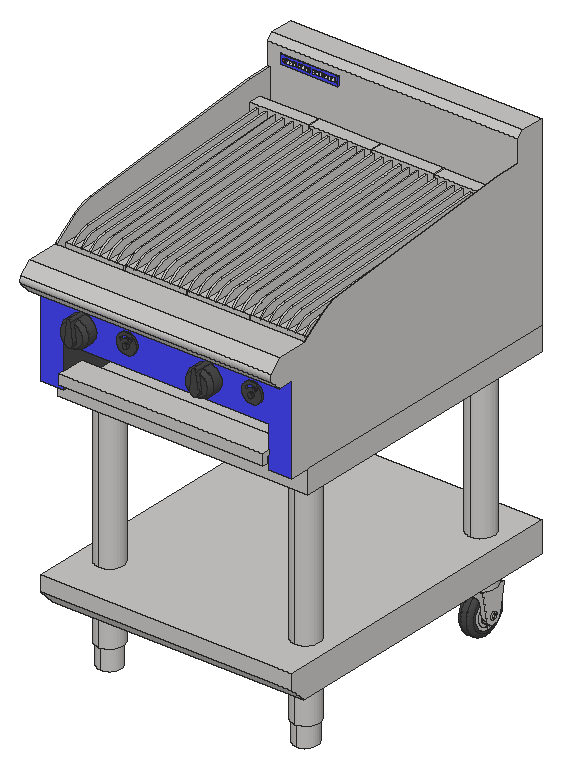
Revit family "QF_MOFFAT_BLUESEAL_AU_G594-LS", category Specialty Equipment, Revit 2012
Parameters
  Weight in Pounds = 281  # constant formula
  URL Cutsheet = "www.moffat.com"
  URL = "www.moffat.com"
  Type Mark [instance] = ""
  Status [instance] = ""
  Specification by User [instance] = ""
  Specification by Manufacturer = ""
  Show Logo [instance] = yes
  Show Casters [instance] = yes
  Serial Number = ""
  Seismic Rating = ""
  SMACNA No = ""
  Revision Code [instance] = ""
  Omniclass Number and Title = ""
  NAFEM Spec ID Number = ""
  Model = "G594-LS"
  Mechanical Remarks [instance] = ""
  Mechanical Connection Type [instance] = ""
  Masterspec = ""
  Manufacturer = "MOFFAT BLUESEAL"
  Legs [instance] = not(Show Casters)  # no
  Item Number [instance] = ""
  Installed By [instance] = ""
  Identify Quantity as Lot [instance] = yes
  Gas Size = 3/4"
  Gas RI Height [instance] = 0 mm
  Gas KW = 18.6
  Gas Input [instance] = 62555.0 Btu/h
  Gas Connection Height = 0 mm
  Furnished By [instance] = ""
  Foodservice Equipment Identifier [instance] = yes
  Description = "600MM GAS CHARGRILL ON LEG STAND"
  CSI MasterFormat = ""
  CSI Master Format = ""
  Body Finish = QF_Finishes_Stainless Steel
Reference planes
  plane 1 "BACK": y = 0
  plane 2: z = 0
  plane 3 "LEFT": x = 0
  plane 4 "RIGHT": x = 600
  plane 5 "FRONT": y = -812
  plane 6 "TOP": z = 972
  plane 7 "Center Y": x = 300
  plane 8 "Center X": y = -406
  plane 9: z = 970
  plane 10: z = 1085
  plane 11: y = -100
  plane 12: y = -625
Forms (mm)
  Extrusion 1, solid, material "QF_Finishes_Stainless Steel" <- "Body Finish"
    sketch origin (0, 0, 0) x (0, 1, 0) y (0, 0, 1)
      loop
        line (0, 222.5) -> (-749, 222.5) -> (-749, 186) -> (-713, 150) -> (0, 150) -> (0, 222.5)
      loop
        line (0, 640) -> (0, 1085) -> (-57.5, 1085) -> (-70, 1072.5) -> (-70, 875) -> (-705, 875) -> (-705, 915) -> (-783.97, 915) -> (-808.485, 890.485)
        arc (-808.485, 890.485) -> (-811.999, 882) -> (-808.485, 873.515) r 12
        line (-808.485, 873.515) -> (-784.97, 850) -> (-749, 850) -> (-749, 640) -> (0, 640)
      loop
        line (0, 585) -> (0, 639.206) -> (-699, 639.206) -> (-699, 585) -> (0, 585)
    from 0 to 600
  Revolve 2, solid, material "QF_Finishes_Stainless Steel" <- "Body Finish"
    sketch origin (535, -735, 0) x (0, 1, 0) y (0, 0, -1)
      loop
        line (78.25, -150) -> (110, -150) -> (110, 0) -> (82.5, 0) -> (82.5, -50) -> (78.25, -50) -> (78.25, -150)
      loop
        line (78.25, -222.5) -> (78.25, -585) -> (110, -585) -> (110, -222.5) -> (78.25, -222.5)
      axis (110, -585) -> (110, 0)
    angle from 0 to 360
  Revolve 3, solid, material "QF_Finishes_Stainless Steel" <- "Body Finish"
    sketch origin (535, -210, 0) x (0, 1, 0) y (0, 0, -1)
      loop
        line (78.25, -222.5) -> (78.25, -585) -> (110, -585) -> (110, -222.5) -> (78.25, -222.5)
      axis (110, -585) -> (110, -222.5)
    angle from 0 to 360
  Revolve 4, solid, material "QF_Finishes_Stainless Steel" <- "Body Finish"
    sketch origin (65, -735, 0) x (0, 1, 0) y (0, 0, 1)
      loop
        line (78.25, 150) -> (78.25, 50) -> (82.5, 50) -> (82.5, 0) -> (110, 0) -> (110, 150) -> (78.25, 150)
      loop
        line (78.25, 222.5) -> (110, 222.5) -> (110, 585) -> (78.25, 585) -> (78.25, 222.5)
      axis (110, 585) -> (110, 0)
    angle from 0 to 360
  Revolve 5, solid, material "QF_Finishes_Stainless Steel" <- "Body Finish"
    sketch origin (65, -210, 0) x (0, 1, 0) y (0, 0, 1)
      loop
        line (78.25, 222.5) -> (110, 222.5) -> (110, 585) -> (78.25, 585) -> (78.25, 222.5)
      axis (110, 585) -> (110, 222.5)
    angle from 0 to 360
  Extrusion 6, solid, material "QF_Finishes_Stainless Steel" <- "Body Finish"
    sketch origin (0, 0, 157.388) x (0, 1, 0) y (0, 0, 1)
      loop
        line (-70, 717) -> (-70, 860.112) -> (-127.045, 860.112) -> (-604.53, 814.135)
        arc (-604.53, 814.135) -> (-629.557, 808.415) -> (-652.303, 796.511) r 100
        line (-652.303, 796.511) -> (-705, 759.612) -> (-705, 717) -> (-70, 717)
    from 0 to 4.5
  Extrusion 7, solid, material "QF_Finishes_Stainless Steel" <- "Body Finish"
    sketch origin (600, 0, 157.388) x (0, 1, 0) y (0, 0, -1)
      loop
        line (-70, -717) -> (-705, -717) -> (-705, -759.612) -> (-652.303, -796.511)
        arc (-652.303, -796.511) -> (-629.557, -808.415) -> (-604.53, -814.135) r 100
        line (-604.53, -814.135) -> (-127.045, -860.112) -> (-70, -860.112) -> (-70, -717)
    from 0 to 3
  Revolve 8, solid, material "QF_Finishes_Black"
    sketch origin (108, 7, 155.8) x (0, 1, 0) y (0, 0, 1)
      loop
        line (-789, 671.5) -> (-800, 665.651) -> (-800, 639) -> (-756, 639) -> (-756, 644) -> (-766, 644) -> (-766, 671.5) -> (-789, 671.5)
      axis (-800, 639) -> (-756, 639)
    angle from 0 to 360
  Extrusion 9, solid, material "QF_Finishes_Black"
    sketch origin (-30.113, 7, 155.8) x (1, 0, 0) y (0, 0, 1)
      loop
        line (148.532, 628.195) -> (143.111, 671.113)
        arc (143.111, 671.113) -> (138.113, 676) -> (133.114, 671.113) r 5
        line (133.114, 671.113) -> (127.625, 627.028)
        arc (127.625, 627.028) -> (138.697, 616.529) -> (148.532, 628.195) r 10.487
    from 759 to 808
  Extrusion 10, solid, material "QF_Finishes_Stainless Steel"
    sketch origin (276, 0, 158) x (0, 1, 0) y (0, 0, 1)
      loop
        line (-132, 752.364) -> (-132, 804.849) -> (-637.852, 774.53)
        arc (-637.852, 774.53) -> (-663.098, 767.97) -> (-684, 752.364) r 67.81
        line (-684, 752.364) -> (-132, 752.364)
    from 0 to 4.5
  Extrusion 11, solid, material "QF_Finishes_Stainless Steel"
    sketch origin (255, 0, 158) x (0, 1, 0) y (0, 0, 1)
      loop
        line (-132, 752.364) -> (-132, 804.849) -> (-637.852, 774.53)
        arc (-637.852, 774.53) -> (-663.098, 767.97) -> (-684, 752.364) r 67.81
        line (-684, 752.364) -> (-132, 752.364)
    from 0 to 4.5
  Extrusion 12, solid, material "QF_Finishes_Stainless Steel"
    sketch origin (234, 0, 158) x (0, 1, 0) y (0, 0, 1)
      loop
        line (-132, 752.364) -> (-132, 804.849) -> (-637.852, 774.53)
        arc (-637.852, 774.53) -> (-663.098, 767.97) -> (-684, 752.364) r 67.81
        line (-684, 752.364) -> (-132, 752.364)
    from 0 to 4.5
  Extrusion 13, solid, material "QF_Finishes_Stainless Steel"
    sketch origin (213, 0, 158) x (0, 1, 0) y (0, 0, 1)
      loop
        line (-132, 752.364) -> (-132, 804.849) -> (-637.852, 774.53)
        arc (-637.852, 774.53) -> (-663.098, 767.97) -> (-684, 752.364) r 67.81
        line (-684, 752.364) -> (-132, 752.364)
    from 0 to 4.5
  Extrusion 14, solid, material "QF_Finishes_Stainless Steel"
    sketch origin (192, 0, 158) x (0, 1, 0) y (0, 0, 1)
      loop
        line (-132, 752.364) -> (-132, 804.849) -> (-637.852, 774.53)
        arc (-637.852, 774.53) -> (-663.098, 767.97) -> (-684, 752.364) r 67.81
        line (-684, 752.364) -> (-132, 752.364)
    from 0 to 4.5
  Extrusion 15, solid, material "QF_Finishes_Stainless Steel"
    sketch origin (171, 0, 158) x (0, 1, 0) y (0, 0, 1)
      loop
        line (-132, 752.364) -> (-132, 804.849) -> (-637.852, 774.53)
        arc (-637.852, 774.53) -> (-663.098, 767.97) -> (-684, 752.364) r 67.81
        line (-684, 752.364) -> (-132, 752.364)
    from 0 to 4.5
  Extrusion 16, solid, material "QF_Finishes_Stainless Steel"
    sketch origin (150, 0, 158) x (0, 1, 0) y (0, 0, 1)
      loop
        line (-132, 752.364) -> (-132, 804.849) -> (-637.852, 774.53)
        arc (-637.852, 774.53) -> (-663.098, 767.97) -> (-684, 752.364) r 67.81
        line (-684, 752.364) -> (-132, 752.364)
    from 0 to 4.5
  Extrusion 17, solid, material "QF_Finishes_Stainless Steel"
    sketch origin (126, 0, 158) x (0, 1, 0) y (0, 0, 1)
      loop
        line (-132, 752.364) -> (-132, 804.849) -> (-637.852, 774.53)
        arc (-637.852, 774.53) -> (-663.098, 767.97) -> (-684, 752.364) r 67.81
        line (-684, 752.364) -> (-132, 752.364)
    from 0 to 4.5
  Extrusion 18, solid, material "QF_Finishes_Stainless Steel"
    sketch origin (105, 0, 158) x (0, 1, 0) y (0, 0, 1)
      loop
        line (-132, 752.364) -> (-132, 804.849) -> (-637.852, 774.53)
        arc (-637.852, 774.53) -> (-663.098, 767.97) -> (-684, 752.364) r 67.81
        line (-684, 752.364) -> (-132, 752.364)
    from 0 to 4.5
  Extrusion 19, solid, material "QF_Finishes_Stainless Steel"
    sketch origin (84, 0, 158) x (0, 1, 0) y (0, 0, 1)
      loop
        line (-132, 752.364) -> (-132, 804.849) -> (-637.852, 774.53)
        arc (-637.852, 774.53) -> (-663.098, 767.97) -> (-684, 752.364) r 67.81
        line (-684, 752.364) -> (-132, 752.364)
    from 0 to 4.5
  Extrusion 20, solid, material "QF_Finishes_Stainless Steel"
    sketch origin (63, 0, 158) x (0, 1, 0) y (0, 0, 1)
      loop
        line (-132, 752.364) -> (-132, 804.849) -> (-637.852, 774.53)
        arc (-637.852, 774.53) -> (-663.098, 767.97) -> (-684, 752.364) r 67.81
        line (-684, 752.364) -> (-132, 752.364)
    from 0 to 4.5
  Extrusion 21, solid, material "QF_Finishes_Stainless Steel"
    sketch origin (42, 0, 158) x (0, 1, 0) y (0, 0, 1)
      loop
        line (-132, 752.364) -> (-132, 804.849) -> (-637.852, 774.53)
        arc (-637.852, 774.53) -> (-663.098, 767.97) -> (-684, 752.364) r 67.81
        line (-684, 752.364) -> (-132, 752.364)
    from 0 to 4.5
  Extrusion 22, solid, material "QF_Finishes_Stainless Steel"
    sketch origin (21, 0, 158) x (0, 1, 0) y (0, 0, 1)
      loop
        line (-132, 752.364) -> (-132, 804.849) -> (-637.852, 774.53)
        arc (-637.852, 774.53) -> (-663.098, 767.97) -> (-684, 752.364) r 67.81
        line (-684, 752.364) -> (-132, 752.364)
    from 0 to 4.5
  Extrusion 23, solid, material "QF_Finishes_Stainless Steel"
    sketch origin (426, 0, 158) x (0, 1, 0) y (0, 0, 1)
      loop
        line (-132, 752.364) -> (-132, 804.849) -> (-637.852, 774.53)
        arc (-637.852, 774.53) -> (-663.098, 767.97) -> (-684, 752.364) r 67.81
        line (-684, 752.364) -> (-132, 752.364)
    from 0 to 4.5
  Extrusion 24, solid, material "QF_Finishes_Stainless Steel"
    sketch origin (405, 0, 158) x (0, 1, 0) y (0, 0, 1)
      loop
        line (-132, 752.364) -> (-132, 804.849) -> (-637.852, 774.53)
        arc (-637.852, 774.53) -> (-663.098, 767.97) -> (-684, 752.364) r 67.81
        line (-684, 752.364) -> (-132, 752.364)
    from 0 to 4.5
  Extrusion 25, solid, material "QF_Finishes_Stainless Steel"
    sketch origin (384, 0, 158) x (0, 1, 0) y (0, 0, 1)
      loop
        line (-132, 752.364) -> (-132, 804.849) -> (-637.852, 774.53)
        arc (-637.852, 774.53) -> (-663.098, 767.97) -> (-684, 752.364) r 67.81
        line (-684, 752.364) -> (-132, 752.364)
    from 0 to 4.5
  Extrusion 26, solid, material "QF_Finishes_Stainless Steel"
    sketch origin (363, 0, 158) x (0, 1, 0) y (0, 0, 1)
      loop
        line (-132, 752.364) -> (-132, 804.849) -> (-637.852, 774.53)
        arc (-637.852, 774.53) -> (-663.098, 767.97) -> (-684, 752.364) r 67.81
        line (-684, 752.364) -> (-132, 752.364)
    from 0 to 4.5
  Extrusion 27, solid, material "QF_Finishes_Stainless Steel"
    sketch origin (342, 0, 158) x (0, 1, 0) y (0, 0, 1)
      loop
        line (-132, 752.364) -> (-132, 804.849) -> (-637.852, 774.53)
        arc (-637.852, 774.53) -> (-663.098, 767.97) -> (-684, 752.364) r 67.81
        line (-684, 752.364) -> (-132, 752.364)
    from 0 to 4.5
  Extrusion 28, solid, material "QF_Finishes_Stainless Steel"
    sketch origin (321, 0, 158) x (0, 1, 0) y (0, 0, 1)
      loop
        line (-132, 752.364) -> (-132, 804.849) -> (-637.852, 774.53)
        arc (-637.852, 774.53) -> (-663.098, 767.97) -> (-684, 752.364) r 67.81
        line (-684, 752.364) -> (-132, 752.364)
    from 0 to 4.5
  Extrusion 29, solid, material "QF_Finishes_Stainless Steel"
    sketch origin (300, 0, 158) x (0, 1, 0) y (0, 0, 1)
      loop
        line (-132, 752.364) -> (-132, 804.849) -> (-637.852, 774.53)
        arc (-637.852, 774.53) -> (-663.098, 767.97) -> (-684, 752.364) r 67.81
        line (-684, 752.364) -> (-132, 752.364)
    from 0 to 4.5
  Extrusion 30, solid, material "QF_Finishes_Stainless Steel"
    sketch origin (576, 0, 158) x (0, 1, 0) y (0, 0, 1)
      loop
        line (-132, 752.364) -> (-132, 804.849) -> (-637.852, 774.53)
        arc (-637.852, 774.53) -> (-663.098, 767.97) -> (-684, 752.364) r 67.81
        line (-684, 752.364) -> (-132, 752.364)
    from 0 to 4.5
  Extrusion 31, solid, material "QF_Finishes_Stainless Steel"
    sketch origin (555, 0, 158) x (0, 1, 0) y (0, 0, 1)
      loop
        line (-132, 752.364) -> (-132, 804.849) -> (-637.852, 774.53)
        arc (-637.852, 774.53) -> (-663.098, 767.97) -> (-684, 752.364) r 67.81
        line (-684, 752.364) -> (-132, 752.364)
    from 0 to 4.5
  Extrusion 32, solid, material "QF_Finishes_Stainless Steel"
    sketch origin (534, 0, 158) x (0, 1, 0) y (0, 0, 1)
      loop
        line (-132, 752.364) -> (-132, 804.849) -> (-637.852, 774.53)
        arc (-637.852, 774.53) -> (-663.098, 767.97) -> (-684, 752.364) r 67.81
        line (-684, 752.364) -> (-132, 752.364)
    from 0 to 4.5
  Extrusion 33, solid, material "QF_Finishes_Stainless Steel"
    sketch origin (513, 0, 158) x (0, 1, 0) y (0, 0, 1)
      loop
        line (-132, 752.364) -> (-132, 804.849) -> (-637.852, 774.53)
        arc (-637.852, 774.53) -> (-663.098, 767.97) -> (-684, 752.364) r 67.81
        line (-684, 752.364) -> (-132, 752.364)
    from 0 to 4.5
  Extrusion 34, solid, material "QF_Finishes_Stainless Steel"
    sketch origin (492, 0, 158) x (0, 1, 0) y (0, 0, 1)
      loop
        line (-132, 752.364) -> (-132, 804.849) -> (-637.852, 774.53)
        arc (-637.852, 774.53) -> (-663.098, 767.97) -> (-684, 752.364) r 67.81
        line (-684, 752.364) -> (-132, 752.364)
    from 0 to 4.5
  Extrusion 35, solid, material "QF_Finishes_Stainless Steel"
    sketch origin (471, 0, 158) x (0, 1, 0) y (0, 0, 1)
      loop
        line (-132, 752.364) -> (-132, 804.849) -> (-637.852, 774.53)
        arc (-637.852, 774.53) -> (-663.098, 767.97) -> (-684, 752.364) r 67.81
        line (-684, 752.364) -> (-132, 752.364)
    from 0 to 4.5
  Extrusion 36, solid, material "QF_Finishes_Stainless Steel"
    sketch origin (450, 0, 158) x (0, 1, 0) y (0, 0, 1)
      loop
        line (-132, 752.364) -> (-132, 804.849) -> (-637.852, 774.53)
        arc (-637.852, 774.53) -> (-663.098, 767.97) -> (-684, 752.364) r 67.81
        line (-684, 752.364) -> (-132, 752.364)
    from 0 to 4.5
  Extrusion 37, solid, material "QF_Finishes_Stainless Steel"
    sketch origin (0, 3, 0) x (1, 0, 0) y (0, 1, 0)
      loop
        circle (216, -34) r 13.5
    from 553 to 585
  Extrusion 38, solid, material "QF_Finishes_Stainless Steel"
    sketch origin (0, 0, 158) x (0, 1, 0) y (0, 0, 1)
      loop
        line (-132, 752.364) -> (-684, 752.364) -> (-684, 717) -> (-102, 717) -> (-102, 812) -> (-132, 812) -> (-132, 752.364)
    from 4.5 to 147
  Extrusion 39, solid, material "QF_Finishes_Stainless Steel"
    sketch origin (145.5, 0, 158) x (0, 1, 0) y (0, 0, 1)
      loop
        line (-132, 752.364) -> (-684, 752.364) -> (-684, 717) -> (-102, 717) -> (-102, 812) -> (-132, 812) -> (-132, 752.364)
    from 4.5 to 151.5
  Extrusion 40, solid, material "QF_Finishes_Stainless Steel"
    sketch origin (295.5, 0, 158) x (0, 1, 0) y (0, 0, 1)
      loop
        line (-132, 752.364) -> (-684, 752.364) -> (-684, 717) -> (-102, 717) -> (-102, 812) -> (-132, 812) -> (-132, 752.364)
    from 4.5 to 151.5
  Extrusion 41, solid, material "QF_Finishes_Stainless Steel"
    sketch origin (445.5, 0, 158) x (0, 1, 0) y (0, 0, 1)
      loop
        line (-132, 752.364) -> (-684, 752.364) -> (-684, 717) -> (-102, 717) -> (-102, 812) -> (-132, 812) -> (-132, 752.364)
    from 4.5 to 151.5
  Extrusion 42, solid, material "QF_Finishes_Black"
    sketch origin (0, -749, 850) x (0, 0, -1) y (1, 0, 0)
      loop
        circle (55.799, 208) r 23.9
      loop
        arc (48.44, 216.419) -> (49.3, 221.219) -> (44.5, 222.079) r 3.448
        arc (44.5, 222.079) -> (37.915, 207.341) -> (45.718, 193.209) r 18.095
        arc (45.718, 193.209) -> (50.44, 194.491) -> (49.125, 199.204) r 3.448
        arc (49.125, 199.204) -> (45.557, 207.683) -> (48.44, 216.419) r 13.109
      loop
        circle (55.799, 508) r 23.9
      loop
        arc (44.5, 522.079) -> (37.915, 507.341) -> (45.718, 493.209) r 18.095
        arc (45.718, 493.209) -> (50.44, 494.491) -> (49.125, 499.204) r 3.448
        arc (49.125, 499.204) -> (45.557, 507.683) -> (48.44, 516.419) r 13.109
        arc (48.44, 516.419) -> (49.3, 521.219) -> (44.5, 522.079) r 3.448
    from 0 to 4
  Extrusion 43, solid, material "QF_Finishes_Black"
    sketch origin (0, -753, 850) x (0, 0, -1) y (1, 0, 0)
      loop
        circle (59.299, 208) r 5.75
      loop
        circle (59.299, 508) r 5.75
    from 0 to 5
  Revolve 44, solid, material "QF_Finishes_Black"
    sketch origin (408, 7, 155.8) x (0, 1, 0) y (0, 0, 1)
      loop
        line (-789, 671.5) -> (-800, 665.651) -> (-800, 639) -> (-756, 639) -> (-756, 644) -> (-766, 644) -> (-766, 671.5) -> (-789, 671.5)
      axis (-800, 639) -> (-756, 639)
    angle from 0 to 360
  Extrusion 45, solid, material "QF_Finishes_Black"
    sketch origin (269.887, 7, 155.8) x (1, 0, 0) y (0, 0, 1)
      loop
        line (148.532, 628.195) -> (143.111, 671.113)
        arc (143.111, 671.113) -> (138.113, 676) -> (133.114, 671.113) r 5
        line (133.114, 671.113) -> (127.625, 627.028)
        arc (127.625, 627.028) -> (138.697, 616.529) -> (148.532, 628.195) r 10.487
    from 759 to 808
  Extrusion 46, void
    sketch origin (0, -749, 850) x (0, 0, 1) y (1, 0, 0)
      loop
        line (-210, 545) -> (-210, 55) -> (-110, 55) -> (-110, 545) -> (-210, 545)
    from 0 to 250
  Extrusion 47, solid, material "QF_Finishes_Stainless Steel"
    sketch origin (55, -749, 150) x (0, 0, 1) y (0, -1, 0)
      loop
        line (506.797, 15.924) -> (506.797, 5.924) -> (521.797, 5.924) -> (521.797, -31.346) -> (490, -31.346) -> (490, -50) -> (531.797, -50) -> (531.797, 15.924) -> (506.797, 15.924)
    from 0 to 490
  Revolve 48, solid, material "QF_Finishes_Stainless Steel", visible <- "Legs"
    sketch origin (65.5, -166, 0) x (0, 1, 0) y (0, 0, 1)
      loop
        line (34.25, 150) -> (34.25, 50) -> (38.5, 50) -> (38.5, 0) -> (66, 0) -> (66, 150) -> (34.25, 150)
      axis (66, 150) -> (66, 0)
    angle from 0 to 360
  Revolve 49, solid, material "QF_Finishes_Stainless Steel", visible <- "Legs"
    sketch origin (534.5, -166, 0) x (0, 1, 0) y (0, 0, -1)
      loop
        line (34.25, -150) -> (66, -150) -> (66, 0) -> (38.5, 0) -> (38.5, -50) -> (34.25, -50) -> (34.25, -150)
      axis (66, -150) -> (66, 0)
    angle from 0 to 360
  Revolve 50, solid, material "QF_Finishes_Stainless Steel", visible <- "Show Casters"
    sketch origin (16.276, -100.755, -13.653) x (1, 0, 0) y (0, 0, 1)
      loop
        line (14.841, 63.604) -> (83.584, 63.604) -> (83.584, 67.109) -> (82.314, 68.379) -> (80.79, 68.379) -> (80.79, 71.826) -> (68.644, 71.826) -> (68.644, 81.79) -> (65.088, 83.843) -> (63.738, 92.179) -> (65.881, 92.179) -> (65.881, 98.529) -> (65.088, 98.529) -> (65.088, 104.879)
        arc (65.088, 104.879) -> (62.298, 111.614) -> (55.563, 114.404) r 9.525
        line (55.563, 114.404) -> (42.863, 114.404)
        arc (42.863, 114.404) -> (36.127, 111.614) -> (33.338, 104.879) r 9.525
        line (33.338, 104.879) -> (33.338, 98.529) -> (32.544, 98.529) -> (32.544, 92.179) -> (34.687, 92.179) -> (33.352, 83.932) -> (29.782, 81.871) -> (29.782, 71.826) -> (17.635, 71.826) -> (17.635, 68.379) -> (16.111, 68.379) -> (14.841, 67.109) -> (14.841, 63.604)
      axis (14.841, 63.604) -> (83.584, 63.604)
    angle from 0 to 360
  Extrusion 51, solid, material "QF_Finishes_Stainless Steel", visible <- "Show Casters"
    sketch origin (72.001, 132.353, -8.783) x (0, 1, 0) y (0, 0, 1)
      loop
        line (-200.603, 118.783) -> (-264.103, 118.783) -> (-251.746, 53.895)
        arc (-251.746, 53.895) -> (-232.353, 38.783) -> (-212.959, 53.895) r 20
        line (-212.959, 53.895) -> (-200.603, 118.783)
    from -35.667 to 22.923
  Revolve 52, solid, material "QF_Finishes_Stainless Steel", visible <- "Show Casters"
    sketch origin (65.5, -204, 0) x (0, 1, 0) y (0, 0, 1)
      loop
        line (68.25, 150) -> (68.25, 110) -> (104, 110) -> (104, 150) -> (68.25, 150)
      axis (104, 150) -> (104, 110)
    angle from 0 to 360
  Revolve 53, solid, material "QF_Finishes_Stainless Steel", visible <- "Legs"
    sketch origin (65.5, -166, 0) x (0, 1, 0) y (0, 0, 1)
      loop
        line (34.25, 150) -> (34.25, 50) -> (38.5, 50) -> (38.5, 0) -> (66, 0) -> (66, 150) -> (34.25, 150)
      axis (66, 150) -> (66, 0)
    angle from 0 to 360
  Revolve 54, solid, material "QF_Finishes_Stainless Steel", visible <- "Show Casters"
    sketch origin (485.276, -100.755, -13.653) x (1, 0, 0) y (0, 0, 1)
      loop
        line (14.841, 63.604) -> (83.584, 63.604) -> (83.584, 67.109) -> (82.314, 68.379) -> (80.79, 68.379) -> (80.79, 71.826) -> (68.644, 71.826) -> (68.644, 81.79) -> (65.088, 83.843) -> (63.738, 92.179) -> (65.881, 92.179) -> (65.881, 98.529) -> (65.088, 98.529) -> (65.088, 104.879)
        arc (65.088, 104.879) -> (62.298, 111.614) -> (55.563, 114.404) r 9.525
        line (55.563, 114.404) -> (42.863, 114.404)
        arc (42.863, 114.404) -> (36.127, 111.614) -> (33.338, 104.879) r 9.525
        line (33.338, 104.879) -> (33.338, 98.529) -> (32.544, 98.529) -> (32.544, 92.179) -> (34.687, 92.179) -> (33.352, 83.932) -> (29.782, 81.871) -> (29.782, 71.826) -> (17.635, 71.826) -> (17.635, 68.379) -> (16.111, 68.379) -> (14.841, 67.109) -> (14.841, 63.604)
      axis (14.841, 63.604) -> (83.584, 63.604)
    angle from 0 to 360
  Extrusion 55, solid, material "QF_Finishes_Stainless Steel", visible <- "Show Casters"
    sketch origin (541.001, 132.353, -8.783) x (0, 1, 0) y (0, 0, 1)
      loop
        line (-200.603, 118.783) -> (-264.103, 118.783) -> (-251.746, 53.895)
        arc (-251.746, 53.895) -> (-232.353, 38.783) -> (-212.959, 53.895) r 20
        line (-212.959, 53.895) -> (-200.603, 118.783)
    from -35.667 to 22.923
  Revolve 56, solid, material "QF_Finishes_Stainless Steel", visible <- "Show Casters"
    sketch origin (534.5, -204, 0) x (0, 1, 0) y (0, 0, 1)
      loop
        line (68.25, 150) -> (68.25, 110) -> (104, 110) -> (104, 150) -> (68.25, 150)
      axis (104, 150) -> (104, 110)
    angle from 0 to 360
Cuts and joins
  joined: Revolve 8, Extrusion 9
  Extrusion 46 cuts Extrusion 1
  Extrusion 46 cuts Extrusion 6
  Extrusion 46 cuts Extrusion 7
  joined: Extrusion 1, Extrusion 6, Extrusion 7
Lines and regions (mm)
  Split face 1
    outline origin (600, 0, 1085) x (-1, 0, 0) y (0, -1, 0)
      loop
        arc (556, 18.185) -> (564.66, 23.185) -> (564.66, 33.185) r 10
        line (564.66, 33.185) -> (560.619, 40.185)
        arc (560.619, 40.185) -> (556.959, 43.845) -> (551.959, 45.185) r 10
        line (551.959, 45.185) -> (324, 45.185)
        arc (324, 45.185) -> (315.34, 40.185) -> (315.34, 30.185) r 10
        line (315.34, 30.185) -> (319.381, 23.185)
        arc (319.381, 23.185) -> (323.041, 19.525) -> (328.041, 18.185) r 10
        line (328.041, 18.185) -> (556, 18.185)
  Split face 2
    outline origin (600, 0, 1085) x (-1, 0, 0) y (0, -1, 0)
      loop
        arc (256, 18.185) -> (264.66, 23.185) -> (264.66, 33.185) r 10
        line (264.66, 33.185) -> (260.619, 40.185)
        arc (260.619, 40.185) -> (256.959, 43.845) -> (251.959, 45.185) r 10
        line (251.959, 45.185) -> (24, 45.185)
        arc (24, 45.185) -> (15.34, 40.185) -> (15.34, 30.185) r 10
        line (15.34, 30.185) -> (19.381, 23.185)
        arc (19.381, 23.185) -> (23.041, 19.525) -> (28.041, 18.185) r 10
        line (28.041, 18.185) -> (256, 18.185)
  symbolic lines, style "SpecialityEquipmentHiddenLines", visible <- "Show Casters"
    curve 1: line (78.456, -46.735, 0) -> (105.952, -62.61, 0)
    curve 2: line (27.656, -134.723, 0) -> (78.456, -46.735, 0)
    curve 3: line (55.152, -150.598, 0) -> (27.656, -134.723, 0)
    curve 4: line (105.952, -62.61, 0) -> (55.152, -150.598, 0)
    curve 5: line (548.456, -46.735, 0) -> (575.952, -62.61, 0)
    curve 6: line (497.656, -134.723, 0) -> (548.456, -46.735, 0)
    curve 7: line (525.152, -150.598, 0) -> (497.656, -134.723, 0)
    curve 8: line (575.952, -62.61, 0) -> (525.152, -150.598, 0)
  symbolic lines
    curve 9: line (571.959, -18.185, 0) -> (344, -18.185, 0)
    curve 10: arc (344, -18.185, 0) -> (335.34, -23.185, 0) -> (335.34, -33.185, 0) r 10
    curve 11: line (335.34, -33.185, 0) -> (339.381, -40.185, 0)
    curve 12: arc (339.381, -40.185, 0) -> (343.041, -43.845, 0) -> (348.041, -45.185, 0) r 10
    curve 13: line (348.041, -45.185, 0) -> (576, -45.185, 0)
    curve 14: arc (576, -45.185, 0) -> (584.66, -40.185, 0) -> (584.66, -30.185, 0) r 10
    curve 15: line (584.66, -30.185, 0) -> (580.619, -23.185, 0)
    curve 16: arc (580.619, -23.185, 0) -> (576.959, -19.525, 0) -> (571.959, -18.185, 0) r 10
    curve 17: line (44, -18.185, 0) -> (271.959, -18.185, 0)
    curve 18: arc (271.959, -18.185, 0) -> (276.959, -19.525, 0) -> (280.619, -23.185, 0) r 10
    curve 19: line (280.619, -23.185, 0) -> (284.66, -30.185, 0)
    curve 20: arc (284.66, -30.185, 0) -> (284.66, -40.185, 0) -> (276, -45.185, 0) r 10
    curve 21: line (276, -45.185, 0) -> (48.041, -45.185, 0)
    curve 22: arc (48.041, -45.185, 0) -> (43.041, -43.845, 0) -> (39.381, -40.185, 0) r 10
    curve 23: line (39.381, -40.185, 0) -> (35.34, -33.185, 0)
    curve 24: arc (35.34, -33.185, 0) -> (35.34, -23.185, 0) -> (44, -18.185, 0) r 10
    curve 25: line (0, 0, 0) -> (600, 0, 0)
    curve 26: line (0, -811.999, 0) -> (0, 0, 0)
    curve 27: line (600, -811.999, 0) -> (0, -811.999, 0)
    curve 28: line (600, 0, 0) -> (600, -811.999, 0)
    curve 29: line (0, -783.97, 0) -> (600, -783.97, 0)
    curve 30: line (597, -705, 0) -> (4.5, -705, 0)
    curve 31: line (0, -57.5, 0) -> (600, -57.5, 0)
    curve 32: line (0, -70, 0) -> (600, -70, 0)
    curve 33: line (150, -102, 0) -> (150, -684, 0)
    curve 34: line (297, -102, 0) -> (150, -102, 0)
    curve 35: line (297, -684, 0) -> (297, -102, 0)
    curve 36: line (147, -102, 0) -> (4.5, -102, 0)
    curve 37: line (147, -684, 0) -> (147, -102, 0)
    curve 38: line (4.5, -684, 0) -> (147, -684, 0)
    curve 39: line (150, -684, 0) -> (297, -684, 0)
    curve 40: line (300, -684, 0) -> (447, -684, 0)
    curve 41: line (450, -684, 0) -> (597, -684, 0)
    curve 42: line (447, -102, 0) -> (300, -102, 0)
    curve 43: line (597, -102, 0) -> (450, -102, 0)
    curve 44: line (450, -102, 0) -> (450, -684, 0)
    curve 45: line (447, -684, 0) -> (447, -102, 0)
    curve 46: line (300, -102, 0) -> (300, -684, 0)
    curve 47: line (597, -70, 0) -> (597, -705, 0)
    curve 48: line (4.5, -705, 0) -> (4.5, -70, 0)
    curve 49: line (4.5, -132, 0) -> (147, -132, 0)
    curve 50: line (150, -132, 0) -> (297, -132, 0)
    curve 51: line (300, -132, 0) -> (447, -132, 0)
    curve 52: line (450, -132, 0) -> (597, -132, 0)
    curve 53: line (21, -132, 0) -> (21, -684, 0)
    curve 54: line (42, -132, 0) -> (42, -684, 0)
    curve 55: line (63, -132, 0) -> (63, -684, 0)
    curve 56: line (84, -132, 0) -> (84, -684, 0)
    curve 57: line (105, -132, 0) -> (105, -684, 0)
    curve 58: line (126, -132, 0) -> (126, -684, 0)
    curve 59: line (171, -132, 0) -> (171, -684, 0)
    curve 60: line (192, -132, 0) -> (192, -684, 0)
    curve 61: line (213, -132, 0) -> (213, -684, 0)
    curve 62: line (234, -132, 0) -> (234, -684, 0)
    curve 63: line (255, -132, 0) -> (255, -684, 0)
    curve 64: line (276, -132, 0) -> (276, -684, 0)
    curve 65: line (321, -132, 0) -> (321, -684, 0)
    curve 66: line (342, -132, 0) -> (342, -684, 0)
    curve 67: line (363, -132, 0) -> (363, -684, 0)
    curve 68: line (384, -132, 0) -> (384, -684, 0)
    curve 69: line (405, -132, 0) -> (405, -684, 0)
    curve 70: line (426, -132, 0) -> (426, -684, 0)
    curve 71: line (471, -132, 0) -> (471, -684, 0)
    curve 72: line (492, -132, 0) -> (492, -684, 0)
    curve 73: line (513, -132, 0) -> (513, -684, 0)
    curve 74: line (534, -132, 0) -> (534, -684, 0)
    curve 75: line (555, -132, 0) -> (555, -684, 0)
    curve 76: line (576, -132, 0) -> (576, -684, 0)
Dimensions and locks
  equal spacing: plane 3 "LEFT", plane 7 "Center Y", plane 4 "RIGHT"
  plane 3 "LEFT" to plane 4 "RIGHT" = 600 mm
  equal spacing: plane 5 "FRONT", plane 8 "Center X", plane 1 "BACK"
  plane 5 "FRONT" to plane 1 "BACK" = 812 mm  (x2)
  equal spacing: plane 4 "RIGHT", plane 7 "Center Y", plane 3 "LEFT"
  plane 4 "RIGHT" to plane 3 "LEFT" = 600 mm
  Extrusion 37 to level = 553 mm
  cut or joined group of Extrusion 1, Extrusion 6, Extrusion 7, Extrusion 46 to level = 150 mm
  Extrusion 37 to plane 1 "BACK" = 31 mm
  plane 9 to level = 970 mm
  plane 10 to plane 2 = 1085 mm
  Extrusion 37 sketch curve to plane 1 "BACK" = 31 mm
  plane 2 to Extrusion 37 = 553 mm
  Revolve 50 sketch curve to Revolve 50 sketch curve = 50.8 mm
  Revolve 54 sketch curve to Revolve 54 sketch curve = 50.8 mm
  plane 3 "LEFT" to Extrusion 37 sketch curve = 216 mm
  aligned and locked: level to plane 2
Automatic sketch dimensions
  Extrusion 1 sketch curve to plane 10 = 0 mm
  Extrusion 1 sketch curve to plane 1 "BACK" = 0 mm  (x3)
  Extrusion 1 sketch curve to Extrusion 1 sketch curve = 57.5 mm
  plane 1 "BACK" to Extrusion 1 sketch curve = 70 mm
  Extrusion 1 sketch curve to plane 5 "FRONT" = 107 mm
  Extrusion 1 sketch curve to plane 5 "FRONT" = 113 mm
  Extrusion 1 sketch curve to Extrusion 1 sketch curve = 44 mm
  Extrusion 1 sketch curve to plane 5 "FRONT" = 28.03 mm
  Extrusion 1 sketch curve to plane 5 "FRONT" = 27.03 mm
  Extrusion 1 sketch curve to plane 5 "FRONT" = 12.001 mm
  Extrusion 1 sketch curve to plane 5 "FRONT" = 3.515 mm  (x2)
  Extrusion 1 sketch curve to plane 10 = 12.5 mm
  plane 9 to Extrusion 1 sketch curve = 55 mm
  Extrusion 1 sketch curve to Extrusion 1 sketch curve = 24.515 mm
  Extrusion 1 sketch curve to Extrusion 1 sketch curve = 8.485 mm
  Extrusion 1 sketch curve to Extrusion 1 sketch curve = 40 mm
  Extrusion 1 sketch curve to Extrusion 1 sketch curve = 23.515 mm
  Extrusion 1 sketch curve to Extrusion 1 sketch curve = 235 mm
  Extrusion 1 sketch curve to Extrusion 1 sketch curve = 0.794 mm
  Extrusion 1 sketch curve to Extrusion 1 sketch curve = 54.206 mm
  level to Extrusion 1 sketch curve = 222.5 mm
  Revolve 2 sketch curve to level = 0 mm
  Revolve 2 sketch curve to plane 5 "FRONT" = 155.25 mm
  Revolve 2 sketch curve to Revolve 2 sketch curve = 0 mm  (x3)
  Revolve 2 sketch curve to Revolve 2 sketch curve = 4.25 mm
  Revolve 2 sketch curve to Revolve 2 sketch curve = 31.75 mm  (x2)
  level to Revolve 2 sketch curve = 50 mm
  Revolve 2 sketch curve to Revolve 2 sketch curve = 100 mm
  Revolve 2 sketch curve to Revolve 2 sketch curve = 72.5 mm
  Revolve 2 sketch curve to Revolve 2 sketch curve = 362.5 mm
  Revolve 2 sketch curve to Revolve 2 sketch curve = 55 mm
  plane 1 "BACK" to Revolve 3 sketch curve = 131.75 mm
  Revolve 3 sketch curve to Revolve 3 sketch curve = 31.75 mm
  Revolve 3 sketch curve to Revolve 3 sketch curve = 362.5 mm
  Revolve 4 sketch curve to level = 0 mm
  Revolve 4 sketch curve to plane 5 "FRONT" = 155.25 mm
  Revolve 4 sketch curve to Revolve 4 sketch curve = 0 mm  (x3)
  Revolve 4 sketch curve to Revolve 4 sketch curve = 4.25 mm
  Revolve 4 sketch curve to Revolve 4 sketch curve = 31.75 mm  (x2)
  Revolve 4 sketch curve to Revolve 4 sketch curve = 55 mm
  level to Revolve 4 sketch curve = 50 mm
  Revolve 4 sketch curve to Revolve 4 sketch curve = 100 mm
  Revolve 4 sketch curve to Revolve 4 sketch curve = 72.5 mm
  Revolve 4 sketch curve to Revolve 4 sketch curve = 362.5 mm
  plane 1 "BACK" to Revolve 5 sketch curve = 131.75 mm
  Revolve 5 sketch curve to Revolve 5 sketch curve = 31.75 mm
  Revolve 5 sketch curve to Revolve 5 sketch curve = 362.5 mm
  Extrusion 6 sketch curve to plane 5 "FRONT" = 107 mm
  plane 9 to Extrusion 6 sketch curve = 16.101 mm
  Extrusion 6 sketch curve to Extrusion 6 sketch curve = 52.697 mm
  Extrusion 6 sketch curve to plane 6 "TOP" = 0.477 mm
  Extrusion 6 sketch curve to Extrusion 6 sketch curve = 47.773 mm
  plane 9 to Extrusion 6 sketch curve = 98.016 mm
  plane 6 "TOP" to Extrusion 6 sketch curve = 45.5 mm
  plane 1 "BACK" to Extrusion 6 sketch curve = 127.045 mm
  plane 1 "BACK" to Extrusion 6 sketch curve = 70 mm
  Extrusion 6 sketch curve to Extrusion 6 sketch curve = 79.511 mm
  Extrusion 6 sketch curve to Extrusion 6 sketch curve = 42.612 mm
  Extrusion 7 sketch curve to plane 5 "FRONT" = 107 mm
  plane 9 to Extrusion 7 sketch curve = 16.101 mm
  Extrusion 7 sketch curve to Extrusion 7 sketch curve = 52.697 mm
  Extrusion 7 sketch curve to plane 6 "TOP" = 0.477 mm
  Extrusion 7 sketch curve to Extrusion 7 sketch curve = 47.773 mm
  plane 9 to Extrusion 7 sketch curve = 98.016 mm
  plane 6 "TOP" to Extrusion 7 sketch curve = 45.5 mm
  plane 1 "BACK" to Extrusion 7 sketch curve = 127.045 mm
  Extrusion 7 sketch curve to Extrusion 7 sketch curve = 57.045 mm
  plane 9 to Extrusion 7 sketch curve = 53 mm
  plane 9 to Extrusion 7 sketch curve = 95.612 mm
  Revolve 8 sketch curve to plane 5 "FRONT" = 19 mm
  Revolve 8 sketch curve to Revolve 8 sketch curve = 0 mm  (x2)
  Revolve 8 sketch curve to Revolve 8 sketch curve = 11 mm
  Revolve 8 sketch curve to Revolve 8 sketch curve = 12.7 mm
  Revolve 8 sketch curve to Revolve 8 sketch curve = 23 mm
  Revolve 8 sketch curve to Revolve 8 sketch curve = 10 mm
  plane 9 to Revolve 8 sketch curve = 175.2 mm
  Revolve 8 sketch curve to Revolve 8 sketch curve = 5 mm
  Revolve 8 sketch curve to Revolve 8 sketch curve = 26.651 mm
  Revolve 8 sketch curve to Revolve 8 sketch curve = 5.849 mm
  plane 3 "LEFT" to Extrusion 9 sketch curve = 97.513 mm
  Extrusion 9 sketch curve to Extrusion 9 sketch curve = 5.489 mm
  Extrusion 9 sketch curve to Extrusion 9 sketch curve = 4.999 mm  (x2)
  Extrusion 9 sketch curve to Extrusion 9 sketch curve = 10.487 mm
  Extrusion 9 sketch curve to Extrusion 9 sketch curve = 10.419 mm
  plane 9 to Extrusion 9 sketch curve = 187.2 mm
  Extrusion 9 sketch curve to Extrusion 9 sketch curve = 0.028 mm
  Extrusion 9 sketch curve to Extrusion 9 sketch curve = 44 mm
  Extrusion 9 sketch curve to Extrusion 9 sketch curve = 0.113 mm
  plane 9 to Extrusion 10 sketch curve = 59.636 mm
  Extrusion 10 sketch curve to plane 5 "FRONT" = 128 mm
  plane 9 to Extrusion 10 sketch curve = 37.47 mm
  Extrusion 10 sketch curve to Extrusion 10 sketch curve = 46.148 mm
  Extrusion 10 sketch curve to Extrusion 10 sketch curve = 50.262 mm
  plane 1 "BACK" to Extrusion 10 sketch curve = 132 mm
  plane 9 to Extrusion 10 sketch curve = 7.151 mm
  plane 9 to Extrusion 11 sketch curve = 59.636 mm
  Extrusion 11 sketch curve to plane 5 "FRONT" = 128 mm
  plane 9 to Extrusion 11 sketch curve = 37.47 mm
  Extrusion 11 sketch curve to Extrusion 11 sketch curve = 46.148 mm
  Extrusion 11 sketch curve to Extrusion 11 sketch curve = 50.262 mm
  plane 1 "BACK" to Extrusion 11 sketch curve = 132 mm
  plane 9 to Extrusion 11 sketch curve = 7.151 mm
  plane 9 to Extrusion 12 sketch curve = 59.636 mm
  Extrusion 12 sketch curve to plane 5 "FRONT" = 128 mm
  plane 9 to Extrusion 12 sketch curve = 37.47 mm
  Extrusion 12 sketch curve to Extrusion 12 sketch curve = 46.148 mm
  Extrusion 12 sketch curve to Extrusion 12 sketch curve = 50.262 mm
  plane 1 "BACK" to Extrusion 12 sketch curve = 132 mm
  plane 9 to Extrusion 12 sketch curve = 7.151 mm
  plane 9 to Extrusion 13 sketch curve = 59.636 mm
  Extrusion 13 sketch curve to plane 5 "FRONT" = 128 mm
  plane 9 to Extrusion 13 sketch curve = 37.47 mm
  Extrusion 13 sketch curve to Extrusion 13 sketch curve = 46.148 mm
  Extrusion 13 sketch curve to Extrusion 13 sketch curve = 50.262 mm
  plane 1 "BACK" to Extrusion 13 sketch curve = 132 mm
  plane 9 to Extrusion 13 sketch curve = 7.151 mm
  plane 9 to Extrusion 14 sketch curve = 59.636 mm
  Extrusion 14 sketch curve to plane 5 "FRONT" = 128 mm
  plane 9 to Extrusion 14 sketch curve = 37.47 mm
  Extrusion 14 sketch curve to Extrusion 14 sketch curve = 46.148 mm
  Extrusion 14 sketch curve to Extrusion 14 sketch curve = 4.114 mm
  plane 1 "BACK" to Extrusion 14 sketch curve = 132 mm
  plane 9 to Extrusion 14 sketch curve = 7.151 mm
  plane 9 to Extrusion 15 sketch curve = 59.636 mm
  Extrusion 15 sketch curve to plane 5 "FRONT" = 128 mm
  plane 9 to Extrusion 15 sketch curve = 37.47 mm
  Extrusion 15 sketch curve to Extrusion 15 sketch curve = 46.148 mm
  Extrusion 15 sketch curve to Extrusion 15 sketch curve = 4.114 mm
  plane 1 "BACK" to Extrusion 15 sketch curve = 132 mm
  plane 9 to Extrusion 15 sketch curve = 7.151 mm
  plane 9 to Extrusion 16 sketch curve = 59.636 mm
  Extrusion 16 sketch curve to plane 5 "FRONT" = 128 mm
  plane 9 to Extrusion 16 sketch curve = 37.47 mm
  Extrusion 16 sketch curve to Extrusion 16 sketch curve = 46.148 mm
  Extrusion 16 sketch curve to Extrusion 16 sketch curve = 4.114 mm
  plane 1 "BACK" to Extrusion 16 sketch curve = 132 mm
  plane 9 to Extrusion 16 sketch curve = 7.151 mm
  plane 9 to Extrusion 17 sketch curve = 59.636 mm
  Extrusion 17 sketch curve to plane 5 "FRONT" = 128 mm
  plane 9 to Extrusion 17 sketch curve = 37.47 mm
  Extrusion 17 sketch curve to Extrusion 17 sketch curve = 46.148 mm
  Extrusion 17 sketch curve to Extrusion 17 sketch curve = 50.262 mm
  plane 1 "BACK" to Extrusion 17 sketch curve = 132 mm
  plane 9 to Extrusion 17 sketch curve = 7.151 mm
  plane 9 to Extrusion 18 sketch curve = 59.636 mm
  Extrusion 18 sketch curve to plane 5 "FRONT" = 128 mm
  plane 9 to Extrusion 18 sketch curve = 37.47 mm
  Extrusion 18 sketch curve to Extrusion 18 sketch curve = 46.148 mm
  Extrusion 18 sketch curve to Extrusion 18 sketch curve = 50.262 mm
  plane 1 "BACK" to Extrusion 18 sketch curve = 132 mm
  plane 9 to Extrusion 18 sketch curve = 7.151 mm
  plane 9 to Extrusion 19 sketch curve = 59.636 mm
  Extrusion 19 sketch curve to plane 5 "FRONT" = 128 mm
  plane 9 to Extrusion 19 sketch curve = 37.47 mm
  Extrusion 19 sketch curve to Extrusion 19 sketch curve = 46.148 mm
  Extrusion 19 sketch curve to Extrusion 19 sketch curve = 50.262 mm
  plane 1 "BACK" to Extrusion 19 sketch curve = 132 mm
  plane 9 to Extrusion 19 sketch curve = 7.151 mm
  plane 9 to Extrusion 20 sketch curve = 59.636 mm
  Extrusion 20 sketch curve to plane 5 "FRONT" = 128 mm
  plane 9 to Extrusion 20 sketch curve = 37.47 mm
  Extrusion 20 sketch curve to Extrusion 20 sketch curve = 46.148 mm
  Extrusion 20 sketch curve to Extrusion 20 sketch curve = 50.262 mm
  plane 1 "BACK" to Extrusion 20 sketch curve = 132 mm
  plane 9 to Extrusion 20 sketch curve = 7.151 mm
  plane 9 to Extrusion 21 sketch curve = 59.636 mm
  Extrusion 21 sketch curve to plane 5 "FRONT" = 128 mm
  plane 9 to Extrusion 21 sketch curve = 37.47 mm
  Extrusion 21 sketch curve to Extrusion 21 sketch curve = 46.148 mm
  Extrusion 21 sketch curve to Extrusion 21 sketch curve = 50.262 mm
  plane 1 "BACK" to Extrusion 21 sketch curve = 132 mm
  plane 9 to Extrusion 21 sketch curve = 7.151 mm
  plane 9 to Extrusion 22 sketch curve = 59.636 mm
  Extrusion 22 sketch curve to plane 5 "FRONT" = 128 mm
  plane 9 to Extrusion 22 sketch curve = 37.47 mm
  Extrusion 22 sketch curve to Extrusion 22 sketch curve = 46.148 mm
  Extrusion 22 sketch curve to Extrusion 22 sketch curve = 50.262 mm
  plane 1 "BACK" to Extrusion 22 sketch curve = 132 mm
  plane 9 to Extrusion 22 sketch curve = 7.151 mm
  plane 9 to Extrusion 23 sketch curve = 59.636 mm
  Extrusion 23 sketch curve to plane 5 "FRONT" = 128 mm
  plane 9 to Extrusion 23 sketch curve = 37.47 mm
  Extrusion 23 sketch curve to Extrusion 23 sketch curve = 46.148 mm
  Extrusion 23 sketch curve to Extrusion 23 sketch curve = 50.262 mm
  plane 1 "BACK" to Extrusion 23 sketch curve = 132 mm
  plane 9 to Extrusion 23 sketch curve = 7.151 mm
  plane 9 to Extrusion 24 sketch curve = 59.636 mm
  Extrusion 24 sketch curve to plane 5 "FRONT" = 128 mm
  plane 9 to Extrusion 24 sketch curve = 37.47 mm
  Extrusion 24 sketch curve to Extrusion 24 sketch curve = 46.148 mm
  Extrusion 24 sketch curve to Extrusion 24 sketch curve = 50.262 mm
  plane 1 "BACK" to Extrusion 24 sketch curve = 132 mm
  plane 9 to Extrusion 24 sketch curve = 7.151 mm
  plane 9 to Extrusion 25 sketch curve = 59.636 mm
  Extrusion 25 sketch curve to plane 5 "FRONT" = 128 mm
  plane 9 to Extrusion 25 sketch curve = 37.47 mm
  Extrusion 25 sketch curve to Extrusion 25 sketch curve = 46.148 mm
  Extrusion 25 sketch curve to Extrusion 25 sketch curve = 50.262 mm
  plane 1 "BACK" to Extrusion 25 sketch curve = 132 mm
  plane 9 to Extrusion 25 sketch curve = 7.151 mm
  plane 9 to Extrusion 26 sketch curve = 59.636 mm
  Extrusion 26 sketch curve to plane 5 "FRONT" = 128 mm
  plane 9 to Extrusion 26 sketch curve = 37.47 mm
  Extrusion 26 sketch curve to Extrusion 26 sketch curve = 46.148 mm
  Extrusion 26 sketch curve to Extrusion 26 sketch curve = 4.114 mm
  plane 1 "BACK" to Extrusion 26 sketch curve = 132 mm
  plane 9 to Extrusion 26 sketch curve = 7.151 mm
  plane 9 to Extrusion 27 sketch curve = 59.636 mm
  Extrusion 27 sketch curve to plane 5 "FRONT" = 128 mm
  plane 9 to Extrusion 27 sketch curve = 37.47 mm
  Extrusion 27 sketch curve to Extrusion 27 sketch curve = 46.148 mm
  Extrusion 27 sketch curve to Extrusion 27 sketch curve = 50.262 mm
  plane 1 "BACK" to Extrusion 27 sketch curve = 132 mm
  plane 9 to Extrusion 27 sketch curve = 7.151 mm
  plane 9 to Extrusion 28 sketch curve = 59.636 mm
  Extrusion 28 sketch curve to plane 5 "FRONT" = 128 mm
  plane 9 to Extrusion 28 sketch curve = 37.47 mm
  Extrusion 28 sketch curve to Extrusion 28 sketch curve = 46.148 mm
  Extrusion 28 sketch curve to Extrusion 28 sketch curve = 4.114 mm
  plane 1 "BACK" to Extrusion 28 sketch curve = 132 mm
  plane 9 to Extrusion 28 sketch curve = 7.151 mm
  plane 9 to Extrusion 29 sketch curve = 59.636 mm
  Extrusion 29 sketch curve to plane 5 "FRONT" = 128 mm
  plane 9 to Extrusion 29 sketch curve = 37.47 mm
  Extrusion 29 sketch curve to Extrusion 29 sketch curve = 46.148 mm
  Extrusion 29 sketch curve to Extrusion 29 sketch curve = 50.262 mm
  plane 1 "BACK" to Extrusion 29 sketch curve = 132 mm
  plane 9 to Extrusion 29 sketch curve = 7.151 mm
  plane 9 to Extrusion 30 sketch curve = 59.636 mm
  Extrusion 30 sketch curve to plane 5 "FRONT" = 128 mm
  Extrusion 30 sketch curve to Extrusion 30 sketch curve = 46.148 mm
  Extrusion 30 sketch curve to Extrusion 30 sketch curve = 4.114 mm
  plane 1 "BACK" to Extrusion 30 sketch curve = 132 mm
  Extrusion 30 sketch curve to Extrusion 30 sketch curve = 45.518 mm
  plane 9 to Extrusion 30 sketch curve = 7.151 mm
  plane 9 to Extrusion 31 sketch curve = 59.636 mm
  Extrusion 31 sketch curve to plane 5 "FRONT" = 128 mm
  plane 9 to Extrusion 31 sketch curve = 37.47 mm
  Extrusion 31 sketch curve to Extrusion 31 sketch curve = 46.148 mm
  Extrusion 31 sketch curve to Extrusion 31 sketch curve = 50.262 mm
  plane 1 "BACK" to Extrusion 31 sketch curve = 132 mm
  plane 9 to Extrusion 31 sketch curve = 7.151 mm
  plane 9 to Extrusion 32 sketch curve = 59.636 mm
  Extrusion 32 sketch curve to plane 5 "FRONT" = 128 mm
  plane 9 to Extrusion 32 sketch curve = 37.47 mm
  Extrusion 32 sketch curve to Extrusion 32 sketch curve = 46.148 mm
  Extrusion 32 sketch curve to Extrusion 32 sketch curve = 50.262 mm
  plane 1 "BACK" to Extrusion 32 sketch curve = 132 mm
  plane 9 to Extrusion 32 sketch curve = 7.151 mm
  plane 9 to Extrusion 33 sketch curve = 59.636 mm
  Extrusion 33 sketch curve to plane 5 "FRONT" = 128 mm
  plane 9 to Extrusion 33 sketch curve = 37.47 mm
  Extrusion 33 sketch curve to Extrusion 33 sketch curve = 46.148 mm
  Extrusion 33 sketch curve to Extrusion 33 sketch curve = 50.262 mm
  plane 1 "BACK" to Extrusion 33 sketch curve = 132 mm
  plane 9 to Extrusion 33 sketch curve = 7.151 mm
  plane 9 to Extrusion 34 sketch curve = 59.636 mm
  Extrusion 34 sketch curve to plane 5 "FRONT" = 128 mm
  plane 9 to Extrusion 34 sketch curve = 37.47 mm
  Extrusion 34 sketch curve to Extrusion 34 sketch curve = 46.148 mm
  Extrusion 34 sketch curve to Extrusion 34 sketch curve = 50.262 mm
  plane 1 "BACK" to Extrusion 34 sketch curve = 132 mm
  plane 9 to Extrusion 34 sketch curve = 7.151 mm
  plane 9 to Extrusion 35 sketch curve = 59.636 mm
  Extrusion 35 sketch curve to plane 5 "FRONT" = 128 mm
  plane 9 to Extrusion 35 sketch curve = 37.47 mm
  Extrusion 35 sketch curve to Extrusion 35 sketch curve = 46.148 mm
  Extrusion 35 sketch curve to Extrusion 35 sketch curve = 50.262 mm
  plane 1 "BACK" to Extrusion 35 sketch curve = 132 mm
  plane 9 to Extrusion 35 sketch curve = 7.151 mm
  plane 9 to Extrusion 36 sketch curve = 59.636 mm
  Extrusion 36 sketch curve to plane 5 "FRONT" = 128 mm
  plane 9 to Extrusion 36 sketch curve = 37.47 mm
  Extrusion 36 sketch curve to Extrusion 36 sketch curve = 46.148 mm
  Extrusion 36 sketch curve to Extrusion 36 sketch curve = 50.262 mm
  plane 1 "BACK" to Extrusion 36 sketch curve = 132 mm
  plane 9 to Extrusion 36 sketch curve = 7.151 mm
  plane 9 to Extrusion 38 sketch curve = 0 mm
  plane 9 to Extrusion 38 sketch curve = 59.636 mm
  Extrusion 38 sketch curve to plane 5 "FRONT" = 128 mm
  plane 1 "BACK" to Extrusion 38 sketch curve = 132 mm
  Extrusion 38 sketch curve to Extrusion 38 sketch curve = 30 mm
  Extrusion 38 sketch curve to Extrusion 38 sketch curve = 35.364 mm
  plane 9 to Extrusion 39 sketch curve = 0 mm
  plane 9 to Extrusion 39 sketch curve = 59.636 mm
  Extrusion 39 sketch curve to plane 5 "FRONT" = 128 mm
  plane 1 "BACK" to Extrusion 39 sketch curve = 132 mm
  Extrusion 39 sketch curve to Extrusion 39 sketch curve = 30 mm
  Extrusion 39 sketch curve to Extrusion 39 sketch curve = 35.364 mm
  plane 9 to Extrusion 40 sketch curve = 0 mm
  plane 9 to Extrusion 40 sketch curve = 59.636 mm
  Extrusion 40 sketch curve to plane 5 "FRONT" = 128 mm
  plane 1 "BACK" to Extrusion 40 sketch curve = 132 mm
  Extrusion 40 sketch curve to Extrusion 40 sketch curve = 30 mm
  Extrusion 40 sketch curve to Extrusion 40 sketch curve = 35.364 mm
  plane 9 to Extrusion 41 sketch curve = 0 mm
  plane 9 to Extrusion 41 sketch curve = 59.636 mm
  Extrusion 41 sketch curve to plane 5 "FRONT" = 128 mm
  plane 1 "BACK" to Extrusion 41 sketch curve = 132 mm
  Extrusion 41 sketch curve to Extrusion 41 sketch curve = 30 mm
  Extrusion 41 sketch curve to Extrusion 41 sketch curve = 35.364 mm
  Extrusion 1 to Extrusion 42 sketch curve = 44.5 mm  (x2)
  Extrusion 42 sketch curve to Extrusion 42 sketch curve = 1.218 mm  (x2)
  Extrusion 42 sketch curve to Extrusion 42 sketch curve = 1.97 mm  (x4)
  Extrusion 42 sketch curve to Extrusion 42 sketch curve = 1.724 mm  (x2)
  Extrusion 42 sketch curve to Extrusion 42 sketch curve = 1.683 mm  (x2)
  Extrusion 42 sketch curve to Extrusion 42 sketch curve = 6.674 mm  (x2)
  Extrusion 42 sketch curve to Extrusion 42 sketch curve = 0.195 mm  (x2)
  Extrusion 42 sketch curve to Extrusion 42 sketch curve = 2.662 mm  (x2)
  Extrusion 1 to Extrusion 42 sketch curve = 193.209 mm
  Extrusion 42 sketch curve to Extrusion 42 sketch curve = 2.986 mm  (x2)
  Extrusion 42 sketch curve to Extrusion 42 sketch curve = 8.796 mm  (x2)
  Extrusion 42 sketch curve to Extrusion 42 sketch curve = 0.103 mm  (x2)
  Extrusion 42 sketch curve to Extrusion 42 sketch curve = 0.102 mm  (x2)
  Extrusion 1 to Extrusion 42 sketch curve = 106.791 mm
  Extrusion 43 sketch curve to Extrusion 43 sketch curve = 0 mm
  Extrusion 43 sketch curve to Extrusion 43 sketch curve = 300 mm
  Revolve 44 sketch curve to plane 5 "FRONT" = 19 mm
  Revolve 44 sketch curve to Revolve 44 sketch curve = 0 mm  (x2)
  Revolve 44 sketch curve to Revolve 44 sketch curve = 11 mm
  Revolve 44 sketch curve to Revolve 44 sketch curve = 12.7 mm
  Revolve 44 sketch curve to Revolve 44 sketch curve = 23 mm
  Revolve 44 sketch curve to Revolve 44 sketch curve = 10 mm
  plane 9 to Revolve 44 sketch curve = 175.2 mm
  Revolve 44 sketch curve to Revolve 44 sketch curve = 5 mm
  Revolve 44 sketch curve to Revolve 44 sketch curve = 26.651 mm
  Revolve 44 sketch curve to Revolve 44 sketch curve = 5.849 mm
  plane 7 "Center Y" to Extrusion 45 sketch curve = 97.513 mm
  Extrusion 45 sketch curve to Extrusion 45 sketch curve = 5.489 mm
  Extrusion 45 sketch curve to Extrusion 45 sketch curve = 4.999 mm  (x2)
  Extrusion 45 sketch curve to Extrusion 45 sketch curve = 10.487 mm
  Extrusion 45 sketch curve to Extrusion 45 sketch curve = 10.419 mm
  plane 9 to Extrusion 45 sketch curve = 187.2 mm
  Extrusion 45 sketch curve to Extrusion 45 sketch curve = 0.028 mm
  Extrusion 45 sketch curve to Extrusion 45 sketch curve = 44 mm
  Extrusion 45 sketch curve to Extrusion 45 sketch curve = 0.113 mm
  Extrusion 46 sketch curve to Extrusion 1 = 100 mm
  Extrusion 1 to Extrusion 46 sketch curve = 0 mm
  Extrusion 46 sketch curve to Extrusion 1 = 55 mm  (x2)
  plane 1 "BACK" to Revolve 5 sketch curve = 100 mm
  Revolve 5 sketch curve to level = 55 mm
  level to Revolve 5 sketch curve = 50 mm
  Revolve 5 sketch curve to Revolve 5 sketch curve = 172.5 mm
  plane 1 "BACK" to Revolve 3 sketch curve = 100 mm
  plane 9 to Revolve 3 sketch curve = 385 mm
  level to Revolve 3 sketch curve = 50 mm
  Revolve 3 sketch curve to level = 55 mm
  Extrusion 1 sketch curve to plane 5 "FRONT" = 63 mm
  Extrusion 1 sketch curve to Extrusion 1 sketch curve = 36 mm
  Extrusion 1 sketch curve to Extrusion 1 sketch curve = 72.5 mm
  Extrusion 1 sketch curve to Extrusion 1 sketch curve = 36.5 mm
  Split face 1 sketch curve to cut or joined group of Extrusion 1, Extrusion 6, Extrusion 7, Extrusion 46 = 27.315 mm
  Split face 1 sketch curve to cut or joined group of Extrusion 1, Extrusion 6, Extrusion 7, Extrusion 46 = 284.66 mm
  Split face 1 sketch curve to Split face 1 sketch curve = 4.041 mm  (x4)
  Split face 1 sketch curve to Split face 1 sketch curve = 8.66 mm  (x2)
  Split face 1 sketch curve to cut or joined group of Extrusion 1, Extrusion 6, Extrusion 7, Extrusion 46 = 12.315 mm
  Split face 1 sketch curve to cut or joined group of Extrusion 1, Extrusion 6, Extrusion 7, Extrusion 46 = 48.041 mm
  Split face 1 sketch curve to Split face 1 sketch curve = 7 mm  (x3)
  Split face 1 sketch curve to Split face 1 sketch curve = 17 mm
  Split face 2 sketch curve to cut or joined group of Extrusion 1, Extrusion 6, Extrusion 7, Extrusion 46 = 15.34 mm
  Split face 2 sketch curve to Split face 2 sketch curve = 4.041 mm  (x4)
  Split face 2 sketch curve to Split face 2 sketch curve = 8.66 mm  (x2)
  Split face 2 sketch curve to cut or joined group of Extrusion 1, Extrusion 6, Extrusion 7, Extrusion 46 = 12.315 mm
  Split face 2 sketch curve to Split face 2 sketch curve = 223.917 mm
  Split face 2 sketch curve to Split face 2 sketch curve = 5 mm
  Split face 2 sketch curve to Split face 2 sketch curve = 10 mm
  Split face 2 sketch curve to Split face 2 sketch curve = 7 mm  (x3)
  Extrusion 47 sketch curve to Extrusion 46 = 15.924 mm
  Extrusion 47 sketch curve to Extrusion 46 = 16.797 mm
  Extrusion 47 sketch curve to Extrusion 46 = 31.797 mm
  Extrusion 47 sketch curve to Extrusion 47 sketch curve = 10 mm
  Extrusion 47 sketch curve to Extrusion 46 = 5.924 mm
  Extrusion 46 to Extrusion 47 sketch curve = 31.346 mm
  Extrusion 47 sketch curve to Extrusion 47 sketch curve = 18.654 mm
  Extrusion 46 to Extrusion 47 sketch curve = 0 mm
  Revolve 48 sketch curve to level = 0 mm
  Revolve 48 sketch curve to plane 11 = 0 mm  (x2)
  plane 11 to Revolve 48 sketch curve = 27.5 mm
  plane 11 to Revolve 48 sketch curve = 31.75 mm
  Revolve 48 sketch curve to Revolve 48 sketch curve = 55 mm
  level to Revolve 48 sketch curve = 50 mm
  Revolve 48 sketch curve to Revolve 48 sketch curve = 0 mm
  Revolve 48 sketch curve to Revolve 48 sketch curve = 100 mm
  Revolve 49 sketch curve to level = 0 mm
  Revolve 49 sketch curve to plane 11 = 0 mm  (x2)
  plane 11 to Revolve 49 sketch curve = 27.5 mm
  plane 11 to Revolve 49 sketch curve = 31.75 mm
  level to Revolve 49 sketch curve = 50 mm
  Revolve 49 sketch curve to Revolve 49 sketch curve = 0 mm
  Revolve 49 sketch curve to Revolve 49 sketch curve = 100 mm
  Revolve 49 sketch curve to Revolve 49 sketch curve = 55 mm
  plane 3 "LEFT" to Revolve 50 sketch curve = 31.118 mm
  Revolve 50 sketch curve to Revolve 50 sketch curve = 1.27 mm  (x4)
  Revolve 50 sketch curve to Revolve 50 sketch curve = 1.524 mm  (x2)
  Revolve 50 sketch curve to Revolve 50 sketch curve = 12.146 mm  (x2)
  Revolve 50 sketch curve to Revolve 50 sketch curve = 2.762 mm
  Revolve 50 sketch curve to Revolve 50 sketch curve = 0.794 mm  (x2)
  Revolve 50 sketch curve to Revolve 50 sketch curve = 3.57 mm
  Revolve 50 sketch curve to Revolve 50 sketch curve = 2.143 mm
  Revolve 50 sketch curve to Revolve 50 sketch curve = 9.525 mm
  Revolve 50 sketch curve to Revolve 50 sketch curve = 24.572 mm
  Revolve 50 sketch curve to Revolve 50 sketch curve = 12.7 mm
  Revolve 50 sketch curve to Revolve 50 sketch curve = 8.176 mm
  Revolve 50 sketch curve to Revolve 50 sketch curve = 1.349 mm  (x2)
  Revolve 50 sketch curve to Revolve 50 sketch curve = 3.556 mm
  Revolve 50 sketch curve to Revolve 50 sketch curve = 33.32 mm
  level to Revolve 50 sketch curve = 49.952 mm
  Revolve 50 sketch curve to Revolve 50 sketch curve = 0 mm
  Revolve 50 sketch curve to Revolve 50 sketch curve = 3.505 mm  (x2)
  Revolve 50 sketch curve to Revolve 50 sketch curve = 3.447 mm  (x2)
  Revolve 50 sketch curve to Revolve 50 sketch curve = 9.964 mm
  Revolve 50 sketch curve to Revolve 50 sketch curve = 10.045 mm
  Revolve 50 sketch curve to Revolve 50 sketch curve = 2.053 mm
  Revolve 50 sketch curve to Revolve 50 sketch curve = 2.061 mm
  Revolve 50 sketch curve to Revolve 50 sketch curve = 8.247 mm
  Revolve 50 sketch curve to Revolve 50 sketch curve = 8.336 mm
  Revolve 50 sketch curve to Revolve 50 sketch curve = 6.35 mm  (x2)
  Extrusion 51 sketch curve to plane 11 = 0 mm
  plane 11 to Extrusion 51 sketch curve = 19.393 mm
  plane 11 to Extrusion 51 sketch curve = 31.75 mm
  Extrusion 51 sketch curve to plane 11 = 19.393 mm
  Extrusion 51 sketch curve to plane 11 = 31.75 mm
  level to Extrusion 51 sketch curve = 45.111 mm
  Extrusion 51 sketch curve to Extrusion 51 sketch curve = 4.889 mm
  Extrusion 51 sketch curve to Extrusion 51 sketch curve = 64.889 mm
  Revolve 52 sketch curve to plane 11 = 0 mm  (x2)
  plane 11 to Revolve 52 sketch curve = 35.75 mm
  Revolve 52 sketch curve to level = 55 mm
  level to Revolve 52 sketch curve = 50 mm
  Revolve 52 sketch curve to Revolve 52 sketch curve = 60 mm
  Revolve 52 sketch curve to Revolve 52 sketch curve = 40 mm
